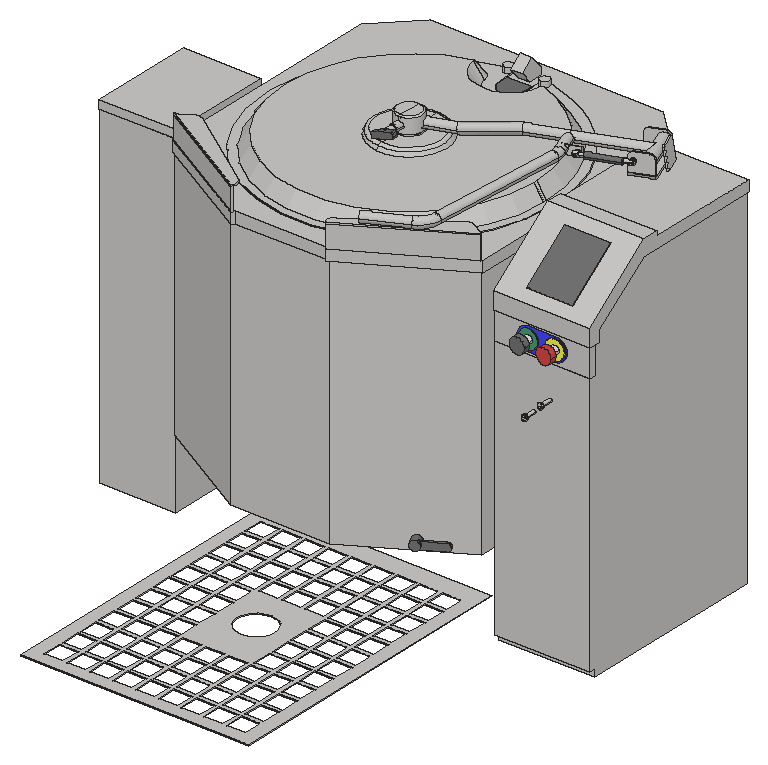
Revit family "QF_DIETATEC_C-CLASSIC_150_180516032930", category Specialty Equipment, Revit 2015
Parameters
  Width [instance] = 1305 mm
  Weight in Pounds [instance] = 385.805
  Volts [instance] = 400 V
  URL Cutsheet [instance] = ""
  URL = "www.dietatec.com"
  Status [instance] = ""
  Specification by User [instance] = ""
  Specification by Manufacturer [instance] = ""
  Serial Number [instance] = "C-CLASSIC_150"
  Seismic Rating [instance] = ""
  SMACNA No [instance] = ""
  Revision Code [instance] = ""
  Phase [instance] = 0
  Number of Poles [instance] = 3
  NAFEM Spec ID Number [instance] = ""
  Model = "54314"
  Min Ckt Ampacity [instance] = 0 A
  Max Overcurrent Protection [instance] = 0 A
  Masterspec [instance] = ""
  Manufacturer = "DIETATEC"
  ListPrice [instance] = 0
  Item Number [instance] = ""
  Installed By [instance] = ""
  Identify Quantity as Lot [instance] = yes
  Height [instance] = 1000 mm
  HP [instance] = ""
  Furnished By [instance] = ""
  Foodservice Equipment Identifier [instance] = yes
  FL Amps [instance] = 40 A
  Elec Conn RI Height [instance] = 0 mm
  Elec Conn Connection Height [instance] = 120 mm
  Description = "DIETA C-CLASSIC 150 KETTLE, ELECTRIC MODEL"
  Depth [instance] = 882 mm
  Cycle [instance] = 50 Hz
  Conn Plug [instance] = ""
  Conn Conduit [instance] = yes
  CSI MasterFormat [instance] = ""
  Assembly Code = "E1090320"
  Apparent Power [instance] = 24000 VA
Reference planes
  plane 1 "Center (Front/Back)": y = 0
  plane 2: z = 0
  plane 3 "Center (Left/Right)": x = 0
Forms (mm)
  Extrusion 1, solid, not visible
    sketch origin (954.4, -182.2, 120) x (1, 0, 0) y (0, 1, 0)
      loop
        line (0, 0) -> (2, 0) -> (2, 2) -> (0, 2) -> (0, 0)
    from 0 to 2
Dimensions and locks
  aligned and locked: level to plane 2
Nested families
  nested 1: "QF_Dietatec_C-CLASSIC_150_FL" at (0, 0, 0), type "54314_400_3"
    with Width 1305 mm, Status "", Specification by User "", Show Logo yes, Show Clearance yes, Revision Code "", Plumbing Remarks "", Plumbing Connection Type "", Number of Poles 3, ListPrice 0, Item Number "", Installed By "", Identify Quantity as Lot no, Height 1000 mm, Furnished By "", Foodservice Equipment Identifier yes, Electrical Remarks "", Electric Connection Type "", Elec Conn RI Height 0 mm, Elec Conn Connection Height 120 mm, Depth 882 mm, Conn Conduit no, Cold Water RI Height 120 mm, Cold Water Flow 0.0 L/s, Cold Water Consumption "", Cold Water Connection Height 120 mm
  nested 2: "QF_Dietatec_KETTLE_LEFT_LEG" at (0, -84, 0), type "KETTLE_LEFT_LEG"
    with Width 275 mm, Status "", Specification by User "", Show Logo yes, Show Clearance yes, Revision Code "", ListPrice 0, Item Number "", Installed By "", Identify Quantity as Lot no, Height 900 mm, Furnished By "", Foodservice Equipment Identifier yes, Depth 200 mm
Connectors
  electrical at (955.4, -180.2, 121), driven by "Volts"
    settings: on Extrusion 1, index 1, voltage 400 V, apparent load 24000 VA, apparent load phase1 0 VA, apparent load phase2 0 VA, apparent load phase3 0 VA, power factor 1, load classification "Other", number of poles 1, system type 30, power factor state 1, is connector primary yes, connector utility no, sub classification motor no, connector description "Electrical connection"
Definition of nested family "QF_Dietatec_C-CLASSIC_150_FL"
  Parameters (values of type "54314_400_3")
    Width [instance] = 0 mm
    Weight in Pounds = 385.8085
    Watts = 500 W
    Volts = 230 V
    URL Cutsheet = "www.dietatec.com"
    URL = "www.dietatec.com"
    Status [instance] = ""
    Specification by User [instance] = ""
    Specification by Manufacturer = ""
    Show Logo [instance] = yes
    Show Clearance [instance] = yes
    Serial Number = ""
    Seismic Rating = ""
    SMACNA No = ""
    Revision Code [instance] = ""
    Plumbing Remarks [instance] = ""
    Plumbing Connection Type [instance] = ""
    Phase = 1
    Number of Poles [instance] = 1
    NAFEM Spec ID Number = ""
    Model = "54314+43730"
    Min Ckt Ampacity = 0 A
    Max Overcurrent Protection = 0 A
    Masterspec = ""
    Manufacturer = "DIETATEC"
    ListPrice [instance] = 0
    Item Number [instance] = ""
    Installed By [instance] = ""
    Identify Quantity as Lot [instance] = no
    Height [instance] = 0 mm
    HP = "0.670510000000"
    Furnished By [instance] = ""
    Foodservice Equipment Identifier [instance] = yes
    FL Amps = 10 A
    Electrical Remarks [instance] = ""
    Electric Connection Type [instance] = ""
    Elec Conn RI Height [instance] = 0 mm
    Elec Conn Connection Height [instance] = 120 mm
    Description = "DIETA C-CLASSIC 150 KETTLE, STEAM MODEL"
    Depth [instance] = 0 mm
    Cycle = 50 Hz
    Conn Plug = ""
    Conn Conduit [instance] = no
    Cold Water Temperature Recommended = 0 °C
    Cold Water Size = 12.7 mm
    Cold Water RI Height [instance] = 120 mm
    Cold Water Minimum Pressure = 20000.0 Pa
    Cold Water Maximum Pressure = 50000.0 Pa
    Cold Water Flow [instance] = 0.0 L/s
    Cold Water Consumption [instance] = ""
    Cold Water Connection Height [instance] = 120 mm
    CSI MasterFormat = ""
    Assembly Code = "E1090320"
    Apparent Power = 500 VA
  Reference planes
    plane 1 "Back": y = 0
    plane 2: z = 0
    plane 3 "Left": x = 0
    plane 4 "Right": x = 1101.351
    plane 5 "Front": y = -882.143
    plane 6 "Top": z = 1000
  Forms (mm)
    Extrusion 1, solid
      sketch origin (1928.665, 818.484, 150) x (1, 0, 0) y (0, 1, 0)
        loop
          line (-1804.703, -1372.685) -> (-1804.703, -2172.685) -> (-1204.703, -2172.685) -> (-1204.703, -1372.685) -> (-1804.703, -1372.685)
        loop
          line (-1769.703, -1427.685) -> (-1769.703, -1477.685) -> (-1719.703, -1477.685) -> (-1719.703, -1427.685) -> (-1769.703, -1427.685)
        loop
          line (-1709.703, -1427.685) -> (-1709.703, -1477.685) -> (-1659.703, -1477.685) -> (-1659.703, -1427.685) -> (-1709.703, -1427.685)
        loop
          line (-1649.703, -1427.685) -> (-1649.703, -1477.685) -> (-1599.703, -1477.685) -> (-1599.703, -1427.685) -> (-1649.703, -1427.685)
        loop
          line (-1589.703, -1427.685) -> (-1589.703, -1477.685) -> (-1539.703, -1477.685) -> (-1539.703, -1427.685) -> (-1589.703, -1427.685)
        loop
          line (-1529.703, -1427.685) -> (-1529.703, -1477.685) -> (-1479.703, -1477.685) -> (-1479.703, -1427.685) -> (-1529.703, -1427.685)
        loop
          line (-1469.703, -1427.685) -> (-1469.703, -1477.685) -> (-1419.703, -1477.685) -> (-1419.703, -1427.685) -> (-1469.703, -1427.685)
        loop
          line (-1409.703, -1427.685) -> (-1409.703, -1477.685) -> (-1359.703, -1477.685) -> (-1359.703, -1427.685) -> (-1409.703, -1427.685)
        loop
          line (-1349.703, -1427.685) -> (-1349.703, -1477.685) -> (-1299.703, -1477.685) -> (-1299.703, -1427.685) -> (-1349.703, -1427.685)
        loop
          line (-1289.703, -1427.685) -> (-1289.703, -1477.685) -> (-1239.703, -1477.685) -> (-1239.703, -1427.685) -> (-1289.703, -1427.685)
        loop
          line (-1769.703, -1487.685) -> (-1769.703, -1537.685) -> (-1719.703, -1537.685) -> (-1719.703, -1487.685) -> (-1769.703, -1487.685)
        loop
          line (-1709.703, -1487.685) -> (-1709.703, -1537.685) -> (-1659.703, -1537.685) -> (-1659.703, -1487.685) -> (-1709.703, -1487.685)
        loop
          line (-1649.703, -1487.685) -> (-1649.703, -1537.685) -> (-1599.703, -1537.685) -> (-1599.703, -1487.685) -> (-1649.703, -1487.685)
        loop
          line (-1589.703, -1487.685) -> (-1589.703, -1537.685) -> (-1539.703, -1537.685) -> (-1539.703, -1487.685) -> (-1589.703, -1487.685)
        loop
          line (-1529.703, -1487.685) -> (-1529.703, -1537.685) -> (-1479.703, -1537.685) -> (-1479.703, -1487.685) -> (-1529.703, -1487.685)
        loop
          line (-1469.703, -1487.685) -> (-1469.703, -1537.685) -> (-1419.703, -1537.685) -> (-1419.703, -1487.685) -> (-1469.703, -1487.685)
        loop
          line (-1409.703, -1487.685) -> (-1409.703, -1537.685) -> (-1359.703, -1537.685) -> (-1359.703, -1487.685) -> (-1409.703, -1487.685)
        loop
          line (-1349.703, -1487.685) -> (-1349.703, -1537.685) -> (-1299.703, -1537.685) -> (-1299.703, -1487.685) -> (-1349.703, -1487.685)
        loop
          line (-1289.703, -1487.685) -> (-1289.703, -1537.685) -> (-1239.703, -1537.685) -> (-1239.703, -1487.685) -> (-1289.703, -1487.685)
        loop
          line (-1769.703, -1547.685) -> (-1769.703, -1597.685) -> (-1719.703, -1597.685) -> (-1719.703, -1547.685) -> (-1769.703, -1547.685)
        loop
          line (-1709.703, -1547.685) -> (-1709.703, -1597.685) -> (-1659.703, -1597.685) -> (-1659.703, -1547.685) -> (-1709.703, -1547.685)
        loop
          line (-1649.703, -1547.685) -> (-1649.703, -1597.685) -> (-1599.703, -1597.685) -> (-1599.703, -1547.685) -> (-1649.703, -1547.685)
        loop
          line (-1589.703, -1547.685) -> (-1589.703, -1597.685) -> (-1539.703, -1597.685) -> (-1539.703, -1547.685) -> (-1589.703, -1547.685)
        loop
          line (-1529.703, -1547.685) -> (-1529.703, -1597.685) -> (-1479.703, -1597.685) -> (-1479.703, -1547.685) -> (-1529.703, -1547.685)
        loop
          line (-1469.703, -1547.685) -> (-1469.703, -1597.685) -> (-1419.703, -1597.685) -> (-1419.703, -1547.685) -> (-1469.703, -1547.685)
        loop
          line (-1409.703, -1547.685) -> (-1409.703, -1597.685) -> (-1359.703, -1597.685) -> (-1359.703, -1547.685) -> (-1409.703, -1547.685)
        loop
          line (-1349.703, -1547.685) -> (-1349.703, -1597.685) -> (-1299.703, -1597.685) -> (-1299.703, -1547.685) -> (-1349.703, -1547.685)
        loop
          line (-1289.703, -1547.685) -> (-1289.703, -1597.685) -> (-1239.703, -1597.685) -> (-1239.703, -1547.685) -> (-1289.703, -1547.685)
        loop
          line (-1769.703, -1607.685) -> (-1769.703, -1657.685) -> (-1719.703, -1657.685) -> (-1719.703, -1607.685) -> (-1769.703, -1607.685)
        loop
          line (-1709.703, -1607.685) -> (-1709.703, -1657.685) -> (-1659.703, -1657.685) -> (-1659.703, -1607.685) -> (-1709.703, -1607.685)
        loop
          line (-1649.703, -1607.685) -> (-1649.703, -1657.685) -> (-1599.703, -1657.685) -> (-1599.703, -1607.685) -> (-1649.703, -1607.685)
        loop
          line (-1589.703, -1607.685) -> (-1589.703, -1657.685) -> (-1539.703, -1657.685) -> (-1539.703, -1607.685) -> (-1589.703, -1607.685)
        loop
          line (-1529.703, -1607.685) -> (-1529.703, -1657.685) -> (-1479.703, -1657.685) -> (-1479.703, -1607.685) -> (-1529.703, -1607.685)
        loop
          line (-1469.703, -1607.685) -> (-1469.703, -1657.685) -> (-1419.703, -1657.685) -> (-1419.703, -1607.685) -> (-1469.703, -1607.685)
        loop
          line (-1409.703, -1607.685) -> (-1409.703, -1657.685) -> (-1359.703, -1657.685) -> (-1359.703, -1607.685) -> (-1409.703, -1607.685)
        loop
          line (-1349.703, -1607.685) -> (-1349.703, -1657.685) -> (-1299.703, -1657.685) -> (-1299.703, -1607.685) -> (-1349.703, -1607.685)
        loop
          line (-1289.703, -1607.685) -> (-1289.703, -1657.685) -> (-1239.703, -1657.685) -> (-1239.703, -1607.685) -> (-1289.703, -1607.685)
        loop
          line (-1769.703, -1667.685) -> (-1769.703, -1717.685) -> (-1719.703, -1717.685) -> (-1719.703, -1667.685) -> (-1769.703, -1667.685)
        loop
          line (-1709.703, -1667.685) -> (-1709.703, -1717.685) -> (-1659.703, -1717.685) -> (-1659.703, -1667.685) -> (-1709.703, -1667.685)
        loop
          line (-1649.703, -1667.685) -> (-1649.703, -1717.685) -> (-1599.703, -1717.685) -> (-1599.703, -1667.685) -> (-1649.703, -1667.685)
        loop
          line (-1409.703, -1667.685) -> (-1409.703, -1717.685) -> (-1359.703, -1717.685) -> (-1359.703, -1667.685) -> (-1409.703, -1667.685)
        loop
          line (-1349.703, -1667.685) -> (-1349.703, -1717.685) -> (-1299.703, -1717.685) -> (-1299.703, -1667.685) -> (-1349.703, -1667.685)
        loop
          line (-1289.703, -1667.685) -> (-1289.703, -1717.685) -> (-1239.703, -1717.685) -> (-1239.703, -1667.685) -> (-1289.703, -1667.685)
        loop
          line (-1769.703, -1727.685) -> (-1769.703, -1777.685) -> (-1719.703, -1777.685) -> (-1719.703, -1727.685) -> (-1769.703, -1727.685)
        loop
          line (-1709.703, -1727.685) -> (-1709.703, -1777.685) -> (-1659.703, -1777.685) -> (-1659.703, -1727.685) -> (-1709.703, -1727.685)
        loop
          line (-1649.703, -1727.685) -> (-1649.703, -1777.685) -> (-1599.703, -1777.685) -> (-1599.703, -1727.685) -> (-1649.703, -1727.685)
        loop
          line (-1409.703, -1727.685) -> (-1409.703, -1777.685) -> (-1359.703, -1777.685) -> (-1359.703, -1727.685) -> (-1409.703, -1727.685)
        loop
          line (-1349.703, -1727.685) -> (-1349.703, -1777.685) -> (-1299.703, -1777.685) -> (-1299.703, -1727.685) -> (-1349.703, -1727.685)
        loop
          line (-1289.703, -1727.685) -> (-1289.703, -1777.685) -> (-1239.703, -1777.685) -> (-1239.703, -1727.685) -> (-1289.703, -1727.685)
        loop
          line (-1769.703, -1787.685) -> (-1769.703, -1837.685) -> (-1719.703, -1837.685) -> (-1719.703, -1787.685) -> (-1769.703, -1787.685)
        loop
          line (-1709.703, -1787.685) -> (-1709.703, -1837.685) -> (-1659.703, -1837.685) -> (-1659.703, -1787.685) -> (-1709.703, -1787.685)
        loop
          line (-1649.703, -1787.685) -> (-1649.703, -1837.685) -> (-1599.703, -1837.685) -> (-1599.703, -1787.685) -> (-1649.703, -1787.685)
        loop
          line (-1409.703, -1787.685) -> (-1409.703, -1837.685) -> (-1359.703, -1837.685) -> (-1359.703, -1787.685) -> (-1409.703, -1787.685)
        loop
          line (-1349.703, -1787.685) -> (-1349.703, -1837.685) -> (-1299.703, -1837.685) -> (-1299.703, -1787.685) -> (-1349.703, -1787.685)
        loop
          line (-1289.703, -1787.685) -> (-1289.703, -1837.685) -> (-1239.703, -1837.685) -> (-1239.703, -1787.685) -> (-1289.703, -1787.685)
        loop
          line (-1769.703, -1847.685) -> (-1769.703, -1897.685) -> (-1719.703, -1897.685) -> (-1719.703, -1847.685) -> (-1769.703, -1847.685)
        loop
          line (-1709.703, -1847.685) -> (-1709.703, -1897.685) -> (-1659.703, -1897.685) -> (-1659.703, -1847.685) -> (-1709.703, -1847.685)
        loop
          line (-1649.703, -1847.685) -> (-1649.703, -1897.685) -> (-1599.703, -1897.685) -> (-1599.703, -1847.685) -> (-1649.703, -1847.685)
        loop
          line (-1409.703, -1847.685) -> (-1409.703, -1897.685) -> (-1359.703, -1897.685) -> (-1359.703, -1847.685) -> (-1409.703, -1847.685)
        loop
          line (-1349.703, -1847.685) -> (-1349.703, -1897.685) -> (-1299.703, -1897.685) -> (-1299.703, -1847.685) -> (-1349.703, -1847.685)
        loop
          line (-1289.703, -1847.685) -> (-1289.703, -1897.685) -> (-1239.703, -1897.685) -> (-1239.703, -1847.685) -> (-1289.703, -1847.685)
        loop
          line (-1769.703, -1907.685) -> (-1769.703, -1957.685) -> (-1719.703, -1957.685) -> (-1719.703, -1907.685) -> (-1769.703, -1907.685)
        loop
          line (-1709.703, -1907.685) -> (-1709.703, -1957.685) -> (-1659.703, -1957.685) -> (-1659.703, -1907.685) -> (-1709.703, -1907.685)
        loop
          line (-1649.703, -1907.685) -> (-1649.703, -1957.685) -> (-1599.703, -1957.685) -> (-1599.703, -1907.685) -> (-1649.703, -1907.685)
        loop
          line (-1589.703, -1907.685) -> (-1589.703, -1957.685) -> (-1539.703, -1957.685) -> (-1539.703, -1907.685) -> (-1589.703, -1907.685)
        loop
          line (-1529.703, -1907.685) -> (-1529.703, -1957.685) -> (-1479.703, -1957.685) -> (-1479.703, -1907.685) -> (-1529.703, -1907.685)
        loop
          line (-1469.703, -1907.685) -> (-1469.703, -1957.685) -> (-1419.703, -1957.685) -> (-1419.703, -1907.685) -> (-1469.703, -1907.685)
        loop
          line (-1409.703, -1907.685) -> (-1409.703, -1957.685) -> (-1359.703, -1957.685) -> (-1359.703, -1907.685) -> (-1409.703, -1907.685)
        loop
          line (-1349.703, -1907.685) -> (-1349.703, -1957.685) -> (-1299.703, -1957.685) -> (-1299.703, -1907.685) -> (-1349.703, -1907.685)
        loop
          line (-1289.703, -1907.685) -> (-1289.703, -1957.685) -> (-1239.703, -1957.685) -> (-1239.703, -1907.685) -> (-1289.703, -1907.685)
        loop
          line (-1769.703, -1967.685) -> (-1769.703, -2017.685) -> (-1719.703, -2017.685) -> (-1719.703, -1967.685) -> (-1769.703, -1967.685)
        loop
          line (-1709.703, -1967.685) -> (-1709.703, -2017.685) -> (-1659.703, -2017.685) -> (-1659.703, -1967.685) -> (-1709.703, -1967.685)
        loop
          line (-1649.703, -1967.685) -> (-1649.703, -2017.685) -> (-1599.703, -2017.685) -> (-1599.703, -1967.685) -> (-1649.703, -1967.685)
        loop
          line (-1589.703, -1967.685) -> (-1589.703, -2017.685) -> (-1539.703, -2017.685) -> (-1539.703, -1967.685) -> (-1589.703, -1967.685)
        loop
          line (-1529.703, -1967.685) -> (-1529.703, -2017.685) -> (-1479.703, -2017.685) -> (-1479.703, -1967.685) -> (-1529.703, -1967.685)
        loop
          line (-1469.703, -1967.685) -> (-1469.703, -2017.685) -> (-1419.703, -2017.685) -> (-1419.703, -1967.685) -> (-1469.703, -1967.685)
        loop
          line (-1409.703, -1967.685) -> (-1409.703, -2017.685) -> (-1359.703, -2017.685) -> (-1359.703, -1967.685) -> (-1409.703, -1967.685)
        loop
          line (-1349.703, -1967.685) -> (-1349.703, -2017.685) -> (-1299.703, -2017.685) -> (-1299.703, -1967.685) -> (-1349.703, -1967.685)
        loop
          line (-1289.703, -1967.685) -> (-1289.703, -2017.685) -> (-1239.703, -2017.685) -> (-1239.703, -1967.685) -> (-1289.703, -1967.685)
        loop
          line (-1769.703, -2027.685) -> (-1769.703, -2077.685) -> (-1719.703, -2077.685) -> (-1719.703, -2027.685) -> (-1769.703, -2027.685)
        loop
          line (-1709.703, -2027.685) -> (-1709.703, -2077.685) -> (-1659.703, -2077.685) -> (-1659.703, -2027.685) -> (-1709.703, -2027.685)
        loop
          line (-1649.703, -2027.685) -> (-1649.703, -2077.685) -> (-1599.703, -2077.685) -> (-1599.703, -2027.685) -> (-1649.703, -2027.685)
        loop
          line (-1589.703, -2027.685) -> (-1589.703, -2077.685) -> (-1539.703, -2077.685) -> (-1539.703, -2027.685) -> (-1589.703, -2027.685)
        loop
          line (-1529.703, -2027.685) -> (-1529.703, -2077.685) -> (-1479.703, -2077.685) -> (-1479.703, -2027.685) -> (-1529.703, -2027.685)
        loop
          line (-1469.703, -2027.685) -> (-1469.703, -2077.685) -> (-1419.703, -2077.685) -> (-1419.703, -2027.685) -> (-1469.703, -2027.685)
        loop
          line (-1409.703, -2027.685) -> (-1409.703, -2077.685) -> (-1359.703, -2077.685) -> (-1359.703, -2027.685) -> (-1409.703, -2027.685)
        loop
          line (-1349.703, -2027.685) -> (-1349.703, -2077.685) -> (-1299.703, -2077.685) -> (-1299.703, -2027.685) -> (-1349.703, -2027.685)
        loop
          line (-1289.703, -2027.685) -> (-1289.703, -2077.685) -> (-1239.703, -2077.685) -> (-1239.703, -2027.685) -> (-1289.703, -2027.685)
        loop
          line (-1769.703, -2087.685) -> (-1769.703, -2137.685) -> (-1719.703, -2137.685) -> (-1719.703, -2087.685) -> (-1769.703, -2087.685)
        loop
          line (-1709.703, -2087.685) -> (-1709.703, -2137.685) -> (-1659.703, -2137.685) -> (-1659.703, -2087.685) -> (-1709.703, -2087.685)
        loop
          line (-1649.703, -2087.685) -> (-1649.703, -2137.685) -> (-1599.703, -2137.685) -> (-1599.703, -2087.685) -> (-1649.703, -2087.685)
        loop
          line (-1589.703, -2087.685) -> (-1589.703, -2137.685) -> (-1539.703, -2137.685) -> (-1539.703, -2087.685) -> (-1589.703, -2087.685)
        loop
          line (-1529.703, -2087.685) -> (-1529.703, -2137.685) -> (-1479.703, -2137.685) -> (-1479.703, -2087.685) -> (-1529.703, -2087.685)
        loop
          line (-1469.703, -2087.685) -> (-1469.703, -2137.685) -> (-1419.703, -2137.685) -> (-1419.703, -2087.685) -> (-1469.703, -2087.685)
        loop
          line (-1409.703, -2087.685) -> (-1409.703, -2137.685) -> (-1359.703, -2137.685) -> (-1359.703, -2087.685) -> (-1409.703, -2087.685)
        loop
          line (-1349.703, -2087.685) -> (-1349.703, -2137.685) -> (-1299.703, -2137.685) -> (-1299.703, -2087.685) -> (-1349.703, -2087.685)
        loop
          line (-1289.703, -2087.685) -> (-1289.703, -2137.685) -> (-1239.703, -2137.685) -> (-1239.703, -2087.685) -> (-1289.703, -2087.685)
        loop
          circle (-1504.703, -1772.685) r 50
      from -150 to -148
    Extrusion 2, solid
      sketch origin (-52.149, -1084.701, 0) x (0, 1, 0) y (0, 0, 1)
        loop
          line (899, 0) -> (899, 921.5) -> (555.633, 921.5) -> (410.5, 812.65) -> (410.5, 782.65) -> (397.5, 782.65) -> (397.5, 710.15) -> (382, 710.15) -> (382, 19) -> (397.5, 19) -> (397.5, 0) -> (899, 0)
      from 901 to 1152
    Extrusion 3, solid
      sketch origin (-52.149, -84.701, 0) x (0, 1, 0) y (0, 0, 1)
        loop
          line (-602.5, 782.65) -> (-618, 782.65) -> (-618, 710.15) -> (-602.5, 710.15) -> (-602.5, 782.65)
      from 901 to 1152
    Extrusion 4, solid
      sketch origin (199.351, -816.73, 6.15) x (1, 0, 0) y (0, 0, 1)
        loop
          circle (740, 741) r 10
      from -112.029 to -90
    Extrusion 5, solid
      sketch origin (199.351, -876.73, 6.15) x (1, 0, 0) y (0, 0, 1)
        loop
          circle (740, 741) r 20
      from -150 to -135
    Extrusion 6, solid
      sketch origin (199.351, -852.701, 6.15) x (1, 0, 0) y (0, 0, 1)
        loop
          circle (740, 741) r 25
      from -150 to -148
    Extrusion 7, solid
      sketch origin (269.351, -816.73, 6.15) x (1, 0, 0) y (0, 0, 1)
        loop
          circle (740, 741) r 10
      from -112.029 to -90
    Extrusion 8, solid
      sketch origin (269.351, -876.73, 6.15) x (1, 0, 0) y (0, 0, 1)
        loop
          circle (740, 741) r 20
      from -150 to -135
    Extrusion 9, solid
      sketch origin (269.351, -852.701, 6.15) x (1, 0, 0) y (0, 0, 1)
        loop
          circle (740, 741) r 25
      from -150 to -148
    Extrusion 10, solid
      sketch origin (281.351, -851.701, -53.35) x (1, 0, 0) y (0, 0, 1)
        loop
          arc (658, 830.5) -> (628, 800.5) -> (658, 770.5) r 30
          line (658, 770.5) -> (728, 770.5)
          arc (728, 770.5) -> (758, 800.5) -> (728, 830.5) r 30
          line (728, 830.5) -> (658, 830.5)
      from -150 to -148
    Extrusion 11, solid
      sketch origin (-52.149, -84.701, 0) x (0, 1, 0) y (0, 0, 1)
        loop
          line (-468.4, 941.6) -> (-593.2, 848) -> (-592, 846.4) -> (-467.2, 940) -> (-468.4, 941.6)
      from 966.5 to 1086.5
    Revolve 12, solid
      sketch origin (-52.149, -84.701, 580) x (1, 0, 0) y (0, 1, 0)
        loop
          line (1009.5, -618.013) -> (1005.5, -618.013) -> (1005.5, -651) -> (1012.485, -651)
          arc (1012.485, -651) -> (1012.849, -650.849) -> (1013, -650.485) r 0.515
          line (1013, -650.485) -> (1013, -648.5) -> (1009.5, -648.5) -> (1009.5, -618.013)
        axis (1005.5, -651) -> (1005.5, -618.013)
      angle from 0 to 360
    Revolve 13, solid
      sketch origin (-10.149, -84.701, 622) x (1, 0, 0) y (0, 1, 0)
        loop
          line (1009.5, -618.003) -> (1005.5, -618.003) -> (1005.5, -651) -> (1012.485, -651)
          arc (1012.485, -651) -> (1012.849, -650.849) -> (1013, -650.485) r 0.515
          line (1013, -650.485) -> (1013, -648.5) -> (1009.5, -648.5) -> (1009.5, -618.003)
        axis (1005.5, -651) -> (1005.5, -618.003)
      angle from 0 to 360
    Revolve 14, solid
      sketch origin (449.493, -85.884, 0) x (0.069756, 0.997564, 0) y (0, 0, 1)
        loop
          line (-366, 996.521) -> (-366, 938.475) -> (-268.572, 938.475) -> (-273.65, 947.271)
          arc (-273.65, 947.271) -> (-277.494, 951.114) -> (-282.744, 952.521) r 10.5
          line (-282.744, 952.521) -> (-331, 952.521) -> (-331, 954.521) -> (-332.5, 954.521) -> (-332.5, 993.021) -> (-336, 996.521) -> (-366, 996.521)
        axis (-366, 938.475) -> (-366, 996.521)
      angle from 0 to 360
    Extrusion 15, solid
      sketch origin (-203.222, 0, 0) x (0, 1, 0) y (0, 0, 1)
        loop
          line (-37.248, 900) -> (-37.248, 918.83) -> (-67.358, 954.713) -> (-98.033, 928.974) -> (-73.721, 900) -> (-37.248, 900)
      from 612.168 to 642.201
    Extrusion 16, solid
      sketch origin (-127.888, -501.28, 0) x (0.999977, -0.006728, 0) y (0, 0, 1)
        loop
          arc (524.133, 972.678) -> (522.051, 970.677) -> (521.857, 967.795) r 4.004
          line (521.857, 967.795) -> (523.853, 961.376)
          arc (523.853, 961.376) -> (525.646, 959.116) -> (528.494, 958.65) r 4
          line (528.494, 958.65) -> (545.58, 962.233) -> (562.767, 967.58) -> (578.87, 974.324)
          arc (578.87, 974.324) -> (580.95, 976.323) -> (581.145, 979.201) r 4
          line (581.145, 979.201) -> (579.147, 985.624)
          arc (579.147, 985.624) -> (577.354, 987.884) -> (574.506, 988.35) r 4
          line (574.506, 988.35) -> (557.42, 984.767) -> (540.233, 979.42) -> (524.133, 972.678)
      from 23.355 to 35.355
    Revolve 17, solid
      sketch origin (-125.063, -81.29, 973.5) x (0.999977, -0.006728, 0) y (0.006728, 0.999977, 0)
        loop
          line (541.5, -394.5) -> (541.5, -418.855) -> (542.908, -418.855) -> (542.908, -421.355) -> (547, -421.355) -> (547, -423.355) -> (542.5, -423.355) -> (542.5, -443.355) -> (551.5, -443.355) -> (551.5, -394.5) -> (541.5, -394.5)
        axis (551.5, -443.355) -> (551.5, -394.5)
      angle from 0 to 360
    Sweep 18, solid
      path origin (-29.828, -20.157, 991.467) x (0.997564, -0.069756, 0) y (0.069756, 0.997564, 0)
        loop
          line (713.584, -801.303) -> (810.113, -745.571)
          arc (810.113, -745.571) -> (832.767, -722.926) -> (841.075, -691.99) r 61.924
          line (841.075, -691.99) -> (841.342, -336.075)
          arc (841.342, -336.075) -> (839.866, -322.524) -> (835.486, -309.615) r 62.5
          line (835.486, -309.615) -> (806.642, -247.757)
      profile origin (773.474, -591.617, 991.467) x (-0.997511, 0.070504, 0) y (0, 0, 1)
        loop
          circle (12.5, 0) r 12.5
    Sweep 19, solid
      path origin (-53.323, -634.245, 1.076) x (0.93358, 0.358368, 0) y (0, 0, 1)
        loop
          line (541.187, 957.5) -> (619.254, 957.5) -> (759.731, 979) -> (1039.731, 979)
      profile origin (488.36, -426.313, 958.576) x (0, 0, 1) y (0.358368, -0.93358, 0)
        loop
          circle (12.5, 0) r 12.5
    Extrusion 20, solid
      sketch origin (514.631, -1074.754, -71.981) x (0.866025, 0.5, 0) y (0, 0, 1)
        loop
          circle (315, 303) r 12
      from -150 to -125
    Extrusion 21, solid
      sketch origin (523.631, -1090.342, -71.981) x (0.866025, 0.5, 0) y (0, 0, 1)
        loop
          line (321.633, 293) -> (381, 293)
          arc (381, 293) -> (391, 303) -> (381, 313) r 10
          line (381, 313) -> (321.633, 313)
          arc (321.633, 313) -> (327, 303) -> (321.633, 293) r 12
      from -150 to -145
    Extrusion 22, solid
      sketch origin (-29.828, -20.157, 950) x (0.997564, -0.069756, 0) y (0.069756, 0.997564, 0)
        loop
          line (858.004, -281.002) -> (817.22, -300.02) -> (818.488, -302.739) -> (859.272, -283.721) -> (858.004, -281.002)
      from 30 to 53
    Revolve 23, solid
      sketch origin (-30.062, -20.247, 991.5) x (0.997564, -0.069756, 0) y (0.069756, 0.997564, 0)
        loop
          line (870.848, -285.378) -> (847.634, -296.204)
          arc (847.634, -296.204) -> (847.606, -298.584) -> (848.28, -300.868) r 8
          line (848.28, -300.868) -> (872.75, -289.457) -> (870.848, -285.378)
        loop
          line (944.709, -250.937) -> (946.611, -255.015) -> (971.081, -243.604)
          arc (971.081, -243.604) -> (969.765, -241.62) -> (967.924, -240.112) r 8
          line (967.924, -240.112) -> (944.709, -250.937)
        axis (848.28, -300.868) -> (971.081, -243.604)
      angle from 0 to 360
    Revolve 24, solid
      sketch origin (-29.828, -20.157, 991.5) x (0.997564, -0.069756, 0) y (0.069756, 0.997564, 0)
        loop
          line (872.524, -289.563) -> (946.841, -254.908) -> (943.671, -248.111) -> (869.354, -282.765) -> (872.524, -289.563)
        axis (872.524, -289.563) -> (946.841, -254.908)
      angle from 0 to 360
    Revolve 25, solid
      sketch origin (-29.828, -20.157, 991.83) x (0.997564, -0.069756, 0) y (0.069756, 0.997564, 0)
        loop
          line (856.34, -305.494) -> (858.742, -304.375) -> (845.326, -275.604) -> (843.514, -276.449) -> (843.03, -277.778) -> (848.207, -288.881) -> (846.394, -289.726) -> (847.602, -292.316)
          arc (847.602, -292.316) -> (848.524, -291.928) -> (849.43, -291.504) r 25
          line (849.43, -291.504) -> (851.438, -294.982) -> (856.34, -305.494)
        axis (845.326, -275.604) -> (858.742, -304.375)
      angle from 0 to 360
    Revolve 26, solid
      sketch origin (1294.737, 488.296, 991.83) x (-0.694658, -0.71934, 0) y (0.71934, -0.694658, 0)
        loop
          line (856.34, 305.494) -> (851.438, 294.982) -> (849.43, 291.504)
          arc (849.43, 291.504) -> (848.524, 291.928) -> (847.602, 292.316) r 25
          line (847.602, 292.316) -> (846.394, 289.726) -> (848.207, 288.881) -> (843.03, 277.778) -> (843.514, 276.449) -> (845.326, 275.604) -> (858.742, 304.375) -> (856.34, 305.494)
        axis (845.326, 275.604) -> (858.742, 304.375)
      angle from 0 to 360
    Extrusion 27, solid
      sketch origin (-594.447, -631.182, 0) x (0.93358, 0.358368, 0) y (0, 0, 1)
        loop
          arc (1518.24, 1010.5) -> (1507.633, 1006.107) -> (1503.24, 995.5) r 15
          line (1503.24, 995.5) -> (1503.24, 961.15) -> (1563.24, 961.15) -> (1563.24, 995.5)
          arc (1563.24, 995.5) -> (1558.846, 1006.107) -> (1548.24, 1010.5) r 15
          line (1548.24, 1010.5) -> (1518.24, 1010.5)
      from 141.433 to 145.433
    Extrusion 28, solid
      sketch origin (-556.281, -730.609, 0) x (0.93358, 0.358368, 0) y (0, 0, 1)
        loop
          arc (1518.24, 1010.5) -> (1507.633, 1006.107) -> (1503.24, 995.5) r 15
          line (1503.24, 995.5) -> (1503.24, 961.15) -> (1563.24, 961.15) -> (1563.24, 995.5)
          arc (1563.24, 995.5) -> (1558.846, 1006.107) -> (1548.24, 1010.5) r 15
          line (1548.24, 1010.5) -> (1518.24, 1010.5)
      from 141.433 to 145.433
    Extrusion 29, solid
      sketch origin (-1.81, -614.152, 0) x (0.93358, 0.358368, 0) y (0, 0, 1)
        loop
          circle (988.861, 991.5) r 15
      from -51.05 to 51.45
    Extrusion 30, solid
      sketch origin (509.773, 1179.28, 0) x (0.358368, -0.93358, 0) y (0, 0, 1)
        loop
          line (1435.928, 961.15) -> (1435.928, 959.475)
          arc (1435.928, 959.475) -> (1438.263, 953.836) -> (1443.902, 951.5) r 7.975
          line (1443.902, 951.5) -> (1538.453, 951.5)
          arc (1538.453, 951.5) -> (1544.092, 953.836) -> (1546.428, 959.475) r 7.975
          line (1546.428, 959.475) -> (1546.428, 961.15) -> (1542.428, 961.15) -> (1542.428, 959.475)
          arc (1542.428, 959.475) -> (1541.263, 956.664) -> (1538.453, 955.5) r 3.975
          line (1538.453, 955.5) -> (1443.902, 955.5)
          arc (1443.902, 955.5) -> (1441.092, 956.664) -> (1439.928, 959.475) r 3.975
          line (1439.928, 959.475) -> (1439.928, 961.15) -> (1435.928, 961.15)
      from 116.451 to 176.451
    Extrusion 31, solid
      sketch origin (736.533, 773.531, 13.851) x (0.35671, -0.934215, 0) y (-0.158027, -0.060339, 0.985589)
        loop
          line (1006.415, 961.15) -> (1056.415, 961.15) -> (1056.415, 1013.467)
          arc (1056.415, 1013.467) -> (1054.95, 1017.002) -> (1051.415, 1018.467) r 5
          arc (1051.415, 1018.467) -> (1031.415, 1014.603) -> (1011.415, 1018.467) r 53.69
          arc (1011.415, 1018.467) -> (1007.879, 1017.002) -> (1006.415, 1013.467) r 5
          line (1006.415, 1013.467) -> (1006.415, 961.15)
      from 0 to 4
    Extrusion 32, solid, visible <- "Show Clearance", detail levels coarse
      sketch origin (166.778, 99.339, 0) x (1, 0, 0) y (0, 1, 0)
        loop
          line (-370, -99.339) -> (934.573, -99.339) -> (934.573, 236.46) -> (-370, 236.46) -> (-370, -99.339)
      from 0 to 1013
    Extrusion 33, solid
      sketch origin (94.351, -332.201, -68) x (1, 0, 0) y (0, 0, 1)
        loop
          circle (930, 278) r 15
      from -150 to -146.5
    Extrusion 34, solid
      sketch origin (94.351, -332.201, -158) x (1, 0, 0) y (0, 0, 1)
        loop
          circle (930, 278) r 15
      from -150 to -146.5
    Extrusion 35, solid
      sketch origin (24.351, -332.201, -158) x (1, 0, 0) y (0, 0, 1)
        loop
          circle (930, 278) r 15
      from -150 to -146.5
    Extrusion 36, solid
      sketch origin (94.351, -332.201, -113) x (1, 0, 0) y (0, 0, 1)
        loop
          circle (930, 278) r 15
      from -150 to -146.5
    Revolve 37, solid
      sketch origin (-203.222, 0, 775.847) x (1, 0, 0) y (0, 1, 0)
        loop
          line (224.108, -515.478) -> (218.889, -515.478) -> (218.889, -516.614) -> (204.723, -516.614) -> (204.723, -511.058) -> (203.222, -511.058) -> (203.222, -561.112) -> (224.108, -561.112) -> (224.108, -515.478)
        axis (224.108, -561.112) -> (203.222, -561.112)
      angle from 0 to 360
    Revolve 38, solid
      sketch origin (1051.147, 0, 775.847) x (-1, 0, 0) y (0, -1, 0)
        loop
          line (224.108, 515.478) -> (224.108, 561.112) -> (203.222, 561.112) -> (203.222, 511.058) -> (204.723, 511.058) -> (204.723, 516.614) -> (218.889, 516.614) -> (218.889, 515.478) -> (224.108, 515.478)
        axis (224.108, 561.112) -> (203.222, 561.112)
      angle from 0 to 360
    Extrusion 39, solid
      sketch origin (-203.222, 0, 900.189) x (1, 0, 0) y (0, 1, 0)
        loop
          arc (576.609, -53.748) -> (536.331, -65.59) -> (497.186, -80.765) r 500.546
          arc (497.186, -80.765) -> (454.599, -100.836) -> (414.992, -126.287) r 360.393
          arc (414.992, -126.287) -> (295.076, -260.942) -> (251.775, -435.976) r 375.41
          line (251.775, -435.976) -> (251.775, -450.992)
          arc (251.775, -450.992) -> (627.184, -826.402) -> (1002.594, -450.992) r 375.41
          line (1002.594, -450.992) -> (1002.594, -435.976)
          arc (1002.594, -435.976) -> (959.292, -260.942) -> (839.376, -126.287) r 375.41
          arc (839.376, -126.287) -> (799.769, -100.836) -> (757.182, -80.765) r 360.393
          arc (757.182, -80.765) -> (718.038, -65.59) -> (677.759, -53.748) r 500.546
          arc (677.759, -53.748) -> (667.837, -55.384) -> (662.222, -63.727) r 12.688
          line (662.222, -63.727) -> (662.222, -79.406)
          arc (662.222, -79.406) -> (661.215, -101.611) -> (658.202, -123.634) r 245.268
          arc (658.202, -123.634) -> (627.184, -149.482) -> (596.167, -123.634) r 31.534
          arc (596.167, -123.634) -> (593.153, -101.611) -> (592.146, -79.406) r 245.268
          line (592.146, -79.406) -> (592.146, -63.727)
          arc (592.146, -63.727) -> (586.531, -55.384) -> (576.609, -53.748) r 12.688
      from 0 to 2
    Blend 40, solid
      base sketch origin (-203.222, 0, 0) x (1, 0, 0) y (0, 1, 0)
        loop
          arc (565.942, -127.052) -> (551.856, -105.247) -> (526.149, -101.638) r 31.213
          arc (526.149, -101.638) -> (343.34, -229.334) -> (273.119, -440.981) r 354.065
          line (273.119, -440.981) -> (273.119, -450.992)
          arc (273.119, -450.992) -> (627.184, -805.057) -> (981.249, -450.992) r 354.065
          line (981.249, -450.992) -> (981.249, -440.981)
          arc (981.249, -440.981) -> (911.029, -229.334) -> (728.22, -101.638) r 354.065
          arc (728.22, -101.638) -> (702.512, -105.247) -> (688.426, -127.052) r 31.213
          arc (688.426, -127.052) -> (627.184, -180.017) -> (565.942, -127.052) r 61.889
      top sketch origin (-203.222, 0, 0) x (1, 0, 0) y (0, 1, 0)
        loop
          arc (533.796, -127.323) -> (364.825, -245.354) -> (299.919, -440.981) r 327.265
          line (299.919, -440.981) -> (299.919, -450.992)
          arc (299.919, -450.992) -> (627.184, -778.257) -> (954.449, -450.992) r 327.265
          line (954.449, -450.992) -> (954.449, -440.981)
          arc (954.449, -440.981) -> (889.544, -245.354) -> (720.572, -127.323) r 327.265
          arc (720.572, -127.323) -> (716.938, -127.834) -> (714.946, -130.917) r 4.413
          arc (714.946, -130.917) -> (627.184, -206.817) -> (539.422, -130.917) r 88.689
          arc (539.422, -130.917) -> (537.431, -127.834) -> (533.796, -127.323) r 4.413
      from 902.184 to 938.475
    Extrusion 41, solid
      sketch origin (-203.222, 0, 900.184) x (1, 0, 0) y (0, 1, 0)
        loop
          arc (662.003, -89.77) -> (627.184, -88.096) -> (592.365, -89.77) r 362.896
          arc (592.365, -89.77) -> (593.677, -106.768) -> (596.167, -123.634) r 245.268
          arc (596.167, -123.634) -> (627.184, -149.482) -> (658.202, -123.634) r 31.534
          arc (658.202, -123.634) -> (660.691, -106.768) -> (662.003, -89.77) r 245.268
      from 0 to 2
    Extrusion 42, solid
      sketch origin (-203.222, 0, 0) x (1, 0, 0) y (0, 1, 0)
        loop
          line (497.453, -874.954) -> (756.915, -874.954) -> (1030.119, -717.221) -> (1030.119, -101.93) -> (931.697, -3.509) -> (322.671, -3.509) -> (224.25, -101.93) -> (224.25, -717.221) -> (497.453, -874.954)
      from 204.152 to 870.95
    Extrusion 43, solid
      sketch origin (-203.222, 0, 70) x (1, 0, 0) y (0, 1, 0)
        loop
          line (507.053, -874.954) -> (747.315, -874.954) -> (751.465, -882.143) -> (1033.619, -719.241) -> (1033.619, -100.481) -> (933.147, -0.009) -> (321.221, -0.009) -> (220.75, -100.481) -> (220.75, -719.241) -> (502.903, -882.143) -> (507.053, -874.954)
      from 800.95 to 830
    Extrusion 44, solid
      sketch origin (-203.222, 0, 880) x (1, 0, 0) y (0, 1, 0)
        loop
          line (223.155, -720.63) -> (502.903, -882.143) -> (504.653, -879.111) -> (224.905, -717.599) -> (223.155, -720.63)
        loop
          line (751.465, -882.143) -> (1031.213, -720.63) -> (1029.463, -717.599) -> (749.715, -879.111) -> (751.465, -882.143)
      from 20.189 to 79.897
    Extrusion 45, solid
      sketch origin (-203.222, 0, 950) x (1, 0, 0) y (0, 1, 0)
        loop
          line (259.451, -699.701) -> (231.478, -715.851) -> (224.905, -717.599) -> (223.155, -720.63) -> (502.903, -882.143) -> (504.455, -879.454)
          arc (504.455, -879.454) -> (506.663, -865.11) -> (498.6, -853.042) r 20.022
          line (498.6, -853.042) -> (280.946, -700.639)
          arc (280.946, -700.639) -> (270.335, -697.037) -> (259.451, -699.701) r 20.022
        loop
          arc (994.918, -699.701) -> (984.033, -697.037) -> (973.423, -700.639) r 20.022
          line (973.423, -700.639) -> (755.768, -853.042)
          arc (755.768, -853.042) -> (747.705, -865.11) -> (749.913, -879.454) r 20.022
          line (749.913, -879.454) -> (751.465, -882.143) -> (1031.213, -720.63) -> (1029.463, -717.599) -> (1022.891, -715.851) -> (994.918, -699.701)
      from 9.897 to 12.9
    Extrusion 46, solid, visible <- "Show Clearance", detail levels coarse
      sketch origin (-1814.236, -1053.562, 0) x (0.934215, 0.35671, 0) y (0, 0, 1)
        loop
          line (1930.492, 938.475) -> (2840.902, 938.475) -> (2840.902, 1848.885)
          arc (2840.902, 1848.885) -> (2197.145, 1582.232) -> (1930.492, 938.475) r 910.41
      from -156.521 to 610.866
    Extrusion 47, solid
      sketch origin (-203.222, 0, 902.189) x (1, 0, 0) y (0, 1, 0)
        loop
          circle (579.674, -65.891) r 12.519
        loop
          circle (674.694, -65.891) r 12.519
      from 0 to 12
    Extrusion 48, solid
      sketch origin (-52.149, -1084.701, 0) x (0, 1, 0) y (0, 0, 1)
        loop
          line (900.5, 921.5) -> (900.5, 951.5) -> (600.5, 951.5) -> (600.5, 961.15) -> (558.5, 961.15) -> (380.5, 827.65) -> (380.5, 782.65) -> (410.5, 782.65) -> (410.5, 812.65) -> (555.633, 921.5) -> (900.5, 921.5)
      from 899.5 to 1153.5
  Lines and regions (mm)
    symbolic lines, visible <- "Show Clearance", detail levels coarse
      curve 1: line (1101.351, 335.839, 0) -> (-203.222, 335.839, 0)
    symbolic lines
      curve 2: line (123.963, -780.691, 0) -> (123.963, -1354.201, 0)
      curve 3: line (123.963, -1354.201, 0) -> (723.963, -1354.201, 0)
      curve 4: line (723.963, -1354.201, 0) -> (723.963, -821.565, 0)
      curve 5: line (847.351, -184.201, 0) -> (847.351, -704.201, 0)
      curve 6: line (847.351, -704.201, 0) -> (1101.351, -704.201, 0)
      curve 7: line (1101.351, -184.201, 0) -> (847.351, -184.201, 0)
      curve 8: line (1101.351, -184.201, 0) -> (1101.351, -704.201, 0)
      curve 9: line (929.351, -726.73, 0) -> (929.351, -704.201, 0)
      curve 10: line (929.351, -726.73, 0) -> (919.351, -726.73, 0)
      curve 11: line (919.351, -726.73, 0) -> (919.351, -741.73, 0)
      curve 12: line (919.351, -741.73, 0) -> (959.351, -741.73, 0)
      curve 13: line (959.351, -741.73, 0) -> (959.351, -726.73, 0)
      curve 14: line (959.351, -726.73, 0) -> (957.288, -726.73, 0)
      curve 15: line (957.288, -726.73, 0) -> (957.288, -704.201, 0)
      curve 16: line (989.351, -726.73, 0) -> (991.306, -726.73, 0)
      curve 17: line (991.306, -726.73, 0) -> (991.306, -704.201, 0)
      curve 18: line (989.351, -726.73, 0) -> (989.351, -741.73, 0)
      curve 19: line (989.351, -741.73, 0) -> (1029.351, -741.73, 0)
      curve 20: line (1029.351, -741.73, 0) -> (1029.351, -726.73, 0)
      curve 21: line (1029.351, -726.73, 0) -> (1019.351, -726.73, 0)
      curve 22: line (1019.351, -726.73, 0) -> (1019.351, -704.201, 0)
      curve 23: line (914.351, -553.101, 0) -> (1034.351, -553.101, 0)
      curve 24: line (914.351, -677.901, 0) -> (914.351, -553.101, 0)
      curve 25: line (1034.351, -677.901, 0) -> (914.351, -677.901, 0)
      curve 26: line (1034.351, -553.101, 0) -> (1034.351, -677.901, 0)
      curve 27: line (1101.351, -484.201, 0) -> (847.351, -484.201, 0)
      curve 28: line (847.351, -526.201, 0) -> (1101.351, -526.201, 0)
      curve 29: line (915.648, -203.006, 0) -> (859.633, -224.508, 0)
      curve 30: line (859.633, -224.508, 0) -> (874.953, -264.419, 0)
      curve 31: line (861.066, -228.243, 0) -> (917.081, -206.741, 0)
      curve 32: line (955.247, -306.167, 0) -> (915.648, -203.006, 0)
      curve 33: line (953.814, -302.433, 0) -> (897.799, -323.935, 0)
      curve 34: line (899.232, -327.669, 0) -> (955.247, -306.167, 0)
      curve 35: line (961.478, -271.383, 0) -> (943.643, -224.672, 0)
      curve 36: line (943.643, -224.672, 0) -> (931.692, -229.235, 0)
      curve 37: spline (932.686, -234.208, 0) -> (932.46, -233.595, 0) -> (932.251, -232.989, 0) -> (932.063, -232.397, 0) -> (931.9, -231.832, 0) -> (931.763, -231.302, 0) -> (931.656, -230.816, 0) -> (931.58, -230.384, 0) -> (931.536, -230.012, 0) -> (931.526, -229.706, 0) -> (931.548, -229.472, 0) -> (931.604, -229.314, 0) -> (931.692, -229.235, 0)
      curve 38: spline (946.954, -271.576, 0) -> (945.995, -268.509, 0) -> (944.978, -265.39, 0) -> (943.909, -262.233, 0) -> (942.792, -259.05, 0) -> (941.631, -255.854, 0) -> (940.43, -252.659, 0) -> (939.196, -249.477, 0) -> (937.932, -246.32, 0) -> (936.643, -243.203, 0) -> (935.336, -240.137, 0) -> (934.015, -237.134, 0) -> (932.686, -234.208, 0)
      curve 39: spline (949.528, -275.946, 0) -> (949.409, -275.945, 0) -> (949.262, -275.865, 0) -> (949.09, -275.706, 0) -> (948.894, -275.471, 0) -> (948.678, -275.164, 0) -> (948.447, -274.791, 0) -> (948.203, -274.358, 0) -> (947.952, -273.871, 0) -> (947.697, -273.341, 0) -> (947.443, -272.775, 0) -> (947.194, -272.183, 0) -> (946.954, -271.576, 0)
      curve 40: line (949.528, -275.946, 0) -> (961.478, -271.383, 0)
      curve 41: line (889.074, -217.492, 0) -> (925.806, -313.184, 0)
      curve 42: line (902.96, -253.668, 0) -> (449.96, -427.559, 0)
      curve 43: line (911.92, -277.007, 0) -> (458.962, -450.881, 0)
      curve 44: arc (426.404, -416.077, 0) -> (389.548, -444.618, 0) -> (413.737, -484.465, 0) r 35
      curve 45: arc (433.737, -484.6, 0) -> (458.764, -447.268, 0) -> (426.404, -416.077, 0) r 35
      curve 46: arc (421.87, -480.919, 0) -> (394.036, -448.899, 0) -> (426.055, -421.065, 0) r 30
      curve 47: arc (426.055, -421.065, 0) -> (453.889, -453.085, 0) -> (421.87, -480.919, 0) r 30
      curve 48: line (453.267, -528.546, 0) -> (393.619, -528.145, 0)
      curve 49: line (393.538, -540.144, 0) -> (453.186, -540.546, 0)
      curve 50: line (413.607, -503.778, 0) -> (433.607, -503.913, 0)
      curve 51: line (414.577, -508.285, 0) -> (432.576, -508.406, 0)
      curve 52: line (413.607, -503.778, 0) -> (413.772, -479.208, 0)
      curve 53: line (433.607, -503.913, 0) -> (433.772, -479.343, 0)
      curve 54: line (414.985, -508.288, 0) -> (415.015, -503.788, 0)
      curve 55: line (432.169, -508.403, 0) -> (432.199, -503.904, 0)
      curve 56: line (414.577, -508.285, 0) -> (414.442, -528.285, 0)
      curve 57: line (432.576, -508.406, 0) -> (432.442, -528.406, 0)
      curve 58: line (393.619, -528.145, 0) -> (393.538, -540.144, 0)
      curve 59: line (453.267, -528.546, 0) -> (453.186, -540.546, 0)
      curve 60: line (626.122, -869.285, 0) -> (615.162, -846.815, 0)
      curve 61: line (615.162, -846.815, 0) -> (714.961, -798.14, 0)
      curve 62: line (626.122, -869.285, 0) -> (723.963, -821.565, 0)
      curve 63: line (760.848, -411.226, 0) -> (735.97, -766.993, 0)
      curve 64: line (760.931, -769.086, 0) -> (761.64, -758.938, 0)
      curve 65: line (761.808, -334.63, 0) -> (781.767, -386.625, 0)
      curve 66: line (738.468, -343.589, 0) -> (758.563, -395.937, 0)
      curve 67: line (158.963, -1319.201, 0) -> (208.963, -1319.201, 0)
      curve 68: line (158.963, -1269.201, 0) -> (158.963, -1319.201, 0)
      curve 69: line (208.963, -1269.201, 0) -> (158.963, -1269.201, 0)
      curve 70: line (208.963, -1319.201, 0) -> (208.963, -1269.201, 0)
      curve 71: arc (473.963, -954.201, 0) -> (423.963, -1004.201, 0) -> (373.963, -954.201, 0) r 50
      curve 72: arc (373.963, -954.201, 0) -> (423.963, -904.201, 0) -> (473.963, -954.201, 0) r 50
      curve 73: line (218.963, -1319.201, 0) -> (268.963, -1319.201, 0)
      curve 74: line (218.963, -1269.201, 0) -> (218.963, -1319.201, 0)
      curve 75: line (268.963, -1269.201, 0) -> (218.963, -1269.201, 0)
      curve 76: line (268.963, -1319.201, 0) -> (268.963, -1269.201, 0)
      curve 77: line (278.963, -1319.201, 0) -> (328.963, -1319.201, 0)
      curve 78: line (278.963, -1269.201, 0) -> (278.963, -1319.201, 0)
      curve 79: line (328.963, -1269.201, 0) -> (278.963, -1269.201, 0)
      curve 80: line (328.963, -1319.201, 0) -> (328.963, -1269.201, 0)
      curve 81: line (338.963, -1319.201, 0) -> (388.963, -1319.201, 0)
      curve 82: line (338.963, -1269.201, 0) -> (338.963, -1319.201, 0)
      curve 83: line (388.963, -1269.201, 0) -> (338.963, -1269.201, 0)
      curve 84: line (388.963, -1319.201, 0) -> (388.963, -1269.201, 0)
      curve 85: line (398.963, -1319.201, 0) -> (448.963, -1319.201, 0)
      curve 86: line (398.963, -1269.201, 0) -> (398.963, -1319.201, 0)
      curve 87: line (448.963, -1269.201, 0) -> (398.963, -1269.201, 0)
      curve 88: line (448.963, -1319.201, 0) -> (448.963, -1269.201, 0)
      curve 89: line (458.963, -1319.201, 0) -> (508.963, -1319.201, 0)
      curve 90: line (458.963, -1269.201, 0) -> (458.963, -1319.201, 0)
      curve 91: line (508.963, -1269.201, 0) -> (458.963, -1269.201, 0)
      curve 92: line (508.963, -1319.201, 0) -> (508.963, -1269.201, 0)
      curve 93: line (518.963, -1319.201, 0) -> (568.963, -1319.201, 0)
      curve 94: line (518.963, -1269.201, 0) -> (518.963, -1319.201, 0)
      curve 95: line (568.963, -1269.201, 0) -> (518.963, -1269.201, 0)
      curve 96: line (568.963, -1319.201, 0) -> (568.963, -1269.201, 0)
      curve 97: line (578.963, -1319.201, 0) -> (628.963, -1319.201, 0)
      curve 98: line (578.963, -1269.201, 0) -> (578.963, -1319.201, 0)
      curve 99: line (628.963, -1269.201, 0) -> (578.963, -1269.201, 0)
      curve 100: line (628.963, -1319.201, 0) -> (628.963, -1269.201, 0)
      curve 101: line (638.963, -1319.201, 0) -> (688.963, -1319.201, 0)
      curve 102: line (638.963, -1269.201, 0) -> (638.963, -1319.201, 0)
      curve 103: line (688.963, -1269.201, 0) -> (638.963, -1269.201, 0)
      curve 104: line (688.963, -1319.201, 0) -> (688.963, -1269.201, 0)
      curve 105: line (158.963, -1259.201, 0) -> (208.963, -1259.201, 0)
      curve 106: line (158.963, -1209.201, 0) -> (158.963, -1259.201, 0)
      curve 107: line (208.963, -1209.201, 0) -> (158.963, -1209.201, 0)
      curve 108: line (208.963, -1259.201, 0) -> (208.963, -1209.201, 0)
      curve 109: line (218.963, -1259.201, 0) -> (268.963, -1259.201, 0)
      curve 110: line (218.963, -1209.201, 0) -> (218.963, -1259.201, 0)
      curve 111: line (268.963, -1209.201, 0) -> (218.963, -1209.201, 0)
      curve 112: line (268.963, -1259.201, 0) -> (268.963, -1209.201, 0)
      curve 113: line (278.963, -1259.201, 0) -> (328.963, -1259.201, 0)
      curve 114: line (278.963, -1209.201, 0) -> (278.963, -1259.201, 0)
      curve 115: line (328.963, -1209.201, 0) -> (278.963, -1209.201, 0)
      curve 116: line (328.963, -1259.201, 0) -> (328.963, -1209.201, 0)
      curve 117: line (338.963, -1259.201, 0) -> (388.963, -1259.201, 0)
      curve 118: line (338.963, -1209.201, 0) -> (338.963, -1259.201, 0)
      curve 119: line (388.963, -1209.201, 0) -> (338.963, -1209.201, 0)
      curve 120: line (388.963, -1259.201, 0) -> (388.963, -1209.201, 0)
      curve 121: line (398.963, -1259.201, 0) -> (448.963, -1259.201, 0)
      curve 122: line (398.963, -1209.201, 0) -> (398.963, -1259.201, 0)
      curve 123: line (448.963, -1209.201, 0) -> (398.963, -1209.201, 0)
      curve 124: line (448.963, -1259.201, 0) -> (448.963, -1209.201, 0)
      curve 125: line (458.963, -1259.201, 0) -> (508.963, -1259.201, 0)
      curve 126: line (458.963, -1209.201, 0) -> (458.963, -1259.201, 0)
      curve 127: line (508.963, -1209.201, 0) -> (458.963, -1209.201, 0)
      curve 128: line (508.963, -1259.201, 0) -> (508.963, -1209.201, 0)
      curve 129: line (518.963, -1259.201, 0) -> (568.963, -1259.201, 0)
      curve 130: line (518.963, -1209.201, 0) -> (518.963, -1259.201, 0)
      curve 131: line (568.963, -1209.201, 0) -> (518.963, -1209.201, 0)
      curve 132: line (568.963, -1259.201, 0) -> (568.963, -1209.201, 0)
      curve 133: line (578.963, -1259.201, 0) -> (628.963, -1259.201, 0)
      curve 134: line (578.963, -1209.201, 0) -> (578.963, -1259.201, 0)
      curve 135: line (628.963, -1209.201, 0) -> (578.963, -1209.201, 0)
      curve 136: line (628.963, -1259.201, 0) -> (628.963, -1209.201, 0)
      curve 137: line (638.963, -1259.201, 0) -> (688.963, -1259.201, 0)
      curve 138: line (638.963, -1209.201, 0) -> (638.963, -1259.201, 0)
      curve 139: line (688.963, -1209.201, 0) -> (638.963, -1209.201, 0)
      curve 140: line (688.963, -1259.201, 0) -> (688.963, -1209.201, 0)
      curve 141: line (158.963, -1199.201, 0) -> (208.963, -1199.201, 0)
      curve 142: line (158.963, -1149.201, 0) -> (158.963, -1199.201, 0)
      curve 143: line (208.963, -1149.201, 0) -> (158.963, -1149.201, 0)
      curve 144: line (208.963, -1199.201, 0) -> (208.963, -1149.201, 0)
      curve 145: line (218.963, -1199.201, 0) -> (268.963, -1199.201, 0)
      curve 146: line (218.963, -1149.201, 0) -> (218.963, -1199.201, 0)
      curve 147: line (268.963, -1149.201, 0) -> (218.963, -1149.201, 0)
      curve 148: line (268.963, -1199.201, 0) -> (268.963, -1149.201, 0)
      curve 149: line (278.963, -1199.201, 0) -> (328.963, -1199.201, 0)
      curve 150: line (278.963, -1149.201, 0) -> (278.963, -1199.201, 0)
      curve 151: line (328.963, -1149.201, 0) -> (278.963, -1149.201, 0)
      curve 152: line (328.963, -1199.201, 0) -> (328.963, -1149.201, 0)
      curve 153: line (338.963, -1199.201, 0) -> (388.963, -1199.201, 0)
      curve 154: line (338.963, -1149.201, 0) -> (338.963, -1199.201, 0)
      curve 155: line (388.963, -1149.201, 0) -> (338.963, -1149.201, 0)
      curve 156: line (388.963, -1199.201, 0) -> (388.963, -1149.201, 0)
      curve 157: line (398.963, -1199.201, 0) -> (448.963, -1199.201, 0)
      curve 158: line (398.963, -1149.201, 0) -> (398.963, -1199.201, 0)
      curve 159: line (448.963, -1149.201, 0) -> (398.963, -1149.201, 0)
      curve 160: line (448.963, -1199.201, 0) -> (448.963, -1149.201, 0)
      curve 161: line (458.963, -1199.201, 0) -> (508.963, -1199.201, 0)
      curve 162: line (458.963, -1149.201, 0) -> (458.963, -1199.201, 0)
      curve 163: line (508.963, -1149.201, 0) -> (458.963, -1149.201, 0)
      curve 164: line (508.963, -1199.201, 0) -> (508.963, -1149.201, 0)
      curve 165: line (518.963, -1199.201, 0) -> (568.963, -1199.201, 0)
      curve 166: line (518.963, -1149.201, 0) -> (518.963, -1199.201, 0)
      curve 167: line (568.963, -1149.201, 0) -> (518.963, -1149.201, 0)
      curve 168: line (568.963, -1199.201, 0) -> (568.963, -1149.201, 0)
      curve 169: line (578.963, -1199.201, 0) -> (628.963, -1199.201, 0)
      curve 170: line (578.963, -1149.201, 0) -> (578.963, -1199.201, 0)
      curve 171: line (628.963, -1149.201, 0) -> (578.963, -1149.201, 0)
      curve 172: line (628.963, -1199.201, 0) -> (628.963, -1149.201, 0)
      curve 173: line (638.963, -1199.201, 0) -> (688.963, -1199.201, 0)
      curve 174: line (638.963, -1149.201, 0) -> (638.963, -1199.201, 0)
      curve 175: line (688.963, -1149.201, 0) -> (638.963, -1149.201, 0)
      curve 176: line (688.963, -1199.201, 0) -> (688.963, -1149.201, 0)
      curve 177: line (158.963, -1139.201, 0) -> (208.963, -1139.201, 0)
      curve 178: line (158.963, -1089.201, 0) -> (158.963, -1139.201, 0)
      curve 179: line (208.963, -1089.201, 0) -> (158.963, -1089.201, 0)
      curve 180: line (208.963, -1139.201, 0) -> (208.963, -1089.201, 0)
      curve 181: line (218.963, -1139.201, 0) -> (268.963, -1139.201, 0)
      curve 182: line (218.963, -1089.201, 0) -> (218.963, -1139.201, 0)
      curve 183: line (268.963, -1089.201, 0) -> (218.963, -1089.201, 0)
      curve 184: line (268.963, -1139.201, 0) -> (268.963, -1089.201, 0)
      curve 185: line (278.963, -1139.201, 0) -> (328.963, -1139.201, 0)
      curve 186: line (278.963, -1089.201, 0) -> (278.963, -1139.201, 0)
      curve 187: line (328.963, -1089.201, 0) -> (278.963, -1089.201, 0)
      curve 188: line (328.963, -1139.201, 0) -> (328.963, -1089.201, 0)
      curve 189: line (338.963, -1139.201, 0) -> (388.963, -1139.201, 0)
      curve 190: line (338.963, -1089.201, 0) -> (338.963, -1139.201, 0)
      curve 191: line (388.963, -1089.201, 0) -> (338.963, -1089.201, 0)
      curve 192: line (388.963, -1139.201, 0) -> (388.963, -1089.201, 0)
      curve 193: line (398.963, -1139.201, 0) -> (448.963, -1139.201, 0)
      curve 194: line (398.963, -1089.201, 0) -> (398.963, -1139.201, 0)
      curve 195: line (448.963, -1089.201, 0) -> (398.963, -1089.201, 0)
      curve 196: line (448.963, -1139.201, 0) -> (448.963, -1089.201, 0)
      curve 197: line (458.963, -1139.201, 0) -> (508.963, -1139.201, 0)
      curve 198: line (458.963, -1089.201, 0) -> (458.963, -1139.201, 0)
      curve 199: line (508.963, -1089.201, 0) -> (458.963, -1089.201, 0)
      curve 200: line (508.963, -1139.201, 0) -> (508.963, -1089.201, 0)
      curve 201: line (518.963, -1139.201, 0) -> (568.963, -1139.201, 0)
      curve 202: line (518.963, -1089.201, 0) -> (518.963, -1139.201, 0)
      curve 203: line (568.963, -1089.201, 0) -> (518.963, -1089.201, 0)
      curve 204: line (568.963, -1139.201, 0) -> (568.963, -1089.201, 0)
      curve 205: line (578.963, -1139.201, 0) -> (628.963, -1139.201, 0)
      curve 206: line (578.963, -1089.201, 0) -> (578.963, -1139.201, 0)
      curve 207: line (628.963, -1089.201, 0) -> (578.963, -1089.201, 0)
      curve 208: line (628.963, -1139.201, 0) -> (628.963, -1089.201, 0)
      curve 209: line (638.963, -1139.201, 0) -> (688.963, -1139.201, 0)
      curve 210: line (638.963, -1089.201, 0) -> (638.963, -1139.201, 0)
      curve 211: line (688.963, -1089.201, 0) -> (638.963, -1089.201, 0)
      curve 212: line (688.963, -1139.201, 0) -> (688.963, -1089.201, 0)
      curve 213: line (158.963, -1079.201, 0) -> (208.963, -1079.201, 0)
      curve 214: line (158.963, -1029.201, 0) -> (158.963, -1079.201, 0)
      curve 215: line (208.963, -1029.201, 0) -> (158.963, -1029.201, 0)
      curve 216: line (208.963, -1079.201, 0) -> (208.963, -1029.201, 0)
      curve 217: line (218.963, -1079.201, 0) -> (268.963, -1079.201, 0)
      curve 218: line (218.963, -1029.201, 0) -> (218.963, -1079.201, 0)
      curve 219: line (268.963, -1029.201, 0) -> (218.963, -1029.201, 0)
      curve 220: line (268.963, -1079.201, 0) -> (268.963, -1029.201, 0)
      curve 221: line (278.963, -1079.201, 0) -> (328.963, -1079.201, 0)
      curve 222: line (278.963, -1029.201, 0) -> (278.963, -1079.201, 0)
      curve 223: line (328.963, -1029.201, 0) -> (278.963, -1029.201, 0)
      curve 224: line (328.963, -1079.201, 0) -> (328.963, -1029.201, 0)
      curve 225: line (518.963, -1079.201, 0) -> (568.963, -1079.201, 0)
      curve 226: line (518.963, -1029.201, 0) -> (518.963, -1079.201, 0)
      curve 227: line (568.963, -1029.201, 0) -> (518.963, -1029.201, 0)
      curve 228: line (568.963, -1079.201, 0) -> (568.963, -1029.201, 0)
      curve 229: line (578.963, -1079.201, 0) -> (628.963, -1079.201, 0)
      curve 230: line (578.963, -1029.201, 0) -> (578.963, -1079.201, 0)
      curve 231: line (628.963, -1029.201, 0) -> (578.963, -1029.201, 0)
      curve 232: line (628.963, -1079.201, 0) -> (628.963, -1029.201, 0)
      curve 233: line (638.963, -1079.201, 0) -> (688.963, -1079.201, 0)
      curve 234: line (638.963, -1029.201, 0) -> (638.963, -1079.201, 0)
      curve 235: line (688.963, -1029.201, 0) -> (638.963, -1029.201, 0)
      curve 236: line (688.963, -1079.201, 0) -> (688.963, -1029.201, 0)
      curve 237: line (158.963, -1019.201, 0) -> (208.963, -1019.201, 0)
      curve 238: line (158.963, -969.201, 0) -> (158.963, -1019.201, 0)
      curve 239: line (208.963, -969.201, 0) -> (158.963, -969.201, 0)
      curve 240: line (208.963, -1019.201, 0) -> (208.963, -969.201, 0)
      curve 241: line (218.963, -1019.201, 0) -> (268.963, -1019.201, 0)
      curve 242: line (218.963, -969.201, 0) -> (218.963, -1019.201, 0)
      curve 243: line (268.963, -969.201, 0) -> (218.963, -969.201, 0)
      curve 244: line (268.963, -1019.201, 0) -> (268.963, -969.201, 0)
      curve 245: line (278.963, -1019.201, 0) -> (328.963, -1019.201, 0)
      curve 246: line (278.963, -969.201, 0) -> (278.963, -1019.201, 0)
